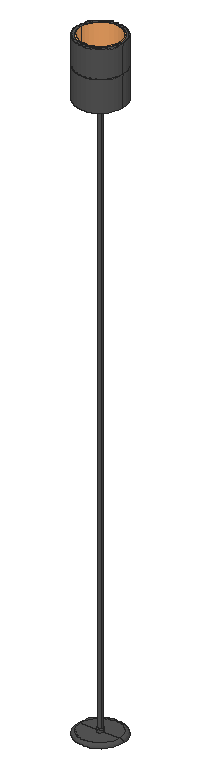
Revit family "MELO CYLINDER PENDANT LIGHT", category Lighting Fixtures, host Face, Revit 2020 (continued)
Types (16): name | Wattage_Input | Wattage Comments | Wattage | Voltage_Input | Size 08 | Size 06 | Size 04 | Selectable Wattage | Photometric Web File | Pendent Rod Length_1 | Pendent | Order number | built-in parameter 1150142 | Model | built-in parameter 1150105 | Lumens | built-in parameter 1150106 | Fixture Diameter | Canopy for Surface Mount J-box | Canopy for Recessed J-Box | Canopy Height | C2 H | C1 H | BEAMING ANGLE
  MELO06R-SP30801-10D-24-GD-BK | 40 W | "40W/30W/20W" | 28.2748 W | 0 V | no | yes | no | 40 W | "MELO06R_SP30801_10D_24.IES" | 4' - 0" | yes | "17295" | "IESNA:LM-63-2002\r\n[TEST] \r\n[TESTLAB] EVERFINE\r\n[TESTDATE] 2023-03-20\r\n[ISSUEDATE] 2023-03-20 15:37:59\r\n[NEARFIELD] \r\n[LAMPPOSITION] 0,0\r\n[OTHER] EVERFINE GO-2000B_V1 SYSTEM\r\n[MANUFAC] Aboveall lighting\r\n[LUMINAIRE] MELO06R-SP30801-10D-24\r\n[OTHER] \r\n[OTHER] Gamma(deg)    Fz(lm)      Ft(lm)     %Lum    %Lamp\r\n[OTHER]   0- 10      1679.97     1679.97    35.07    35.07\r\n[OTHER]  10- 20      1973.49     3653.46    76.26    76.26\r\n[OTHER]  20- 30       732.39     4385.85    91.55    91.55\r\n[OTHER]  30- 40       251.14     4636.99    96.79    96.79\r\n[OTHER]  40- 50        81.37     4718.36    98.49    98.49\r\n[OTHER]  50- 60        27.02     4745.38    99.05    99.05\r\n[OTHER]  60- 70        18.95     4764.33    99.45    99.45\r\n[OTHER]  70- 80        10.27     4774.60    99.66    99.66\r\n[OTHER]  80- 90         2.79     4777.39    99.72    99.72\r\n[OTHER]  90-100         0.16     4777.55    99.72    99.72\r\n[OTHER] 100-110         0.15     4777.71    99.73    99.73\r\n[OTHER] 110-120         0.19     4777.89    99.73    99.73\r\n[OTHER] 120-130         0.30     4778.20    99.74    99.74\r\n[OTHER] 130-140         0.62     4778.81    99.75    99.75\r\n[OTHER] 140-150         1.54     4780.36    99.78    99.78\r\n[OTHER] 150-160         3.65     4784.01    99.86    99.86\r\n[OTHER] 160-170         4.69     4788.71    99.96    99.96\r\n[OTHER] 170-180         2.05     4790.76   100.00   100.00\r\n[OTHER] \r\nTILT=NONE\r\n1 -1 1 181 25 1 2 -0.150 -0.150 0.000\r\n1.000 1 45.5\r\n0.0    1.0    2.0    3.0    4.0    5.0    6.0    7.0    8.0    9.0    \r\n 10.0   11.0   12.0   13.0   14.0   15.0   16.0   17.0   18.0   19.0   \r\n 20.0   21.0   22.0   23.0   24.0   25.0   26.0   27.0   28.0   29.0   \r\n 30.0   31.0   32.0   33.0   34.0   35.0   36.0   37.0   38.0   39.0   \r\n 40.0   41.0   42.0   43.0   44.0   45.0   46.0   47.0   48.0   49.0   \r\n 50.0   51.0   52.0   53.0   54.0   55.0   56.0   57.0   58.0   59.0   \r\n 60.0   61.0   62.0   63.0   64.0   65.0   66.0   67.0   68.0   69.0   \r\n 70.0   71.0   72.0   73.0   74.0   75.0   76.0   77.0   78.0   79.0   \r\n 80.0   81.0   82.0   83.0   84.0   85.0   86.0   87.0   88.0   89.0   \r\n 90.0   91.0   92.0   93.0   94.0   95.0   96.0   97.0   98.0   99.0   \r\n 100.0  101.0  102.0  103.0  104.0  105.0  106.0  107.0  108.0  109.0  \r\n 110.0  111.0  112.0  113.0  114.0  115.0  116.0  117.0  118.0  119.0  \r\n 120.0  121.0  122.0  123.0  124.0  125.0  126.0  127.0  128.0  129.0  \r\n 130.0  131.0  132.0  133.0  134.0  135.0  136.0  137.0  138.0  139.0  \r\n 140.0  141.0  142.0  143.0  144.0  145.0  146.0  147.0  148.0  149.0  \r\n 150.0  151.0  152.0  153.0  154.0  155.0  156.0  157.0  158.0  159.0  \r\n 160.0  161.0  162.0  163.0  164.0  165.0  166.0  167.0  168.0  169.0  \r\n 170.0  171.0  172.0  173.0  174.0  175.0  176.0  177.0  178.0  179.0  \r\n 180.0  \r\n0.0    15.0   30.0   45.0   60.0   75.0   90.0   105.0  120.0  135.0  \r\n 150.0  165.0  180.0  195.0  210.0  225.0  240.0  255.0  270.0  285.0  \r\n 300.0  315.0  330.0  345.0  360.0  \r\n22388.27 22283.77 22039.67 21537.94 20792.78 19912.80 18847.92 17684.25 16374.17 15050.62 \r\n 13621.48 12193.93 10763.59 9453.75  8239.04  7119.65  6133.92  5249.40  4475.25  3812.53  \r\n 3253.28  2781.02  2384.76  2043.74  1750.70  1500.39  1300.51  1101.15  945.57   816.80   \r\n 711.14   623.53   549.16   487.62   434.18   386.37   342.81   305.10   267.50   235.45   \r\n 208.45   183.60   158.17   136.02   113.92   95.78    80.72    68.11    56.84    48.46    \r\n 41.33    36.24    33.88    32.00    30.87    29.60    28.33    27.07    26.03    25.07    \r\n 24.14    23.17    22.13    21.08    20.04    18.99    17.98    16.95    15.96    14.98    \r\n 14.02    13.08    12.15    11.25    10.38    9.54     8.73     7.95     7.18     6.46     \r\n 5.74     5.03     4.37     3.69     3.05     2.42     1.80     1.22     0.65     0.17     \r\n 0.13     0.13     0.13     0.13     0.13     0.13     0.13     0.13     0.13     0.13     \r\n 0.13     0.13     0.14     0.14     0.14     0.14     0.14     0.14     0.15     0.15     \r\n 0.15     0.15     0.16     0.16     0.16     0.18     0.20     0.20     0.22     0.22     \r\n 0.22     0.24     0.25     0.28     0.29     0.31     0.36     0.37     0.39     0.43     \r\n 0.47     0.52     0.56     0.61     0.67     0.74     0.82     0.91     1.04     1.13     \r\n 1.26     1.42     1.59     1.79     2.01     2.30     2.60     2.95     3.36     3.79     \r\n 4.32     4.88     5.47     6.18     6.86     7.68     8.48     9.36     10.25    11.19    \r\n 12.12    13.09    14.05    14.95    15.83    16.66    17.45    18.18    18.86    19.42    \r\n 19.95    20.38    20.74    21.04    21.30    21.58    21.87    22.09    22.32    22.48    \r\n 22.51    \r\n22351.28 22284.88 22047.24 21578.31 20842.09 19957.82 18916.00 17754.86 16492.34 15148.29 \r\n 13747.86 12296.77 10862.97 9528.83  8302.28  7177.04  6185.86  5263.75  4491.03  3820.77  \r\n 3301.91  2783.99  2384.23  2042.14  1747.62  1498.09  1282.67  1097.15  944.08   816.61   \r\n 710.54   623.34   549.74   488.42   435.32   388.58   345.26   306.81   270.85   234.98   \r\n 208.19   184.15   158.95   136.12   115.37   97.19    81.68    69.22    57.95    49.06    \r\n 42.04    36.34    33.90    32.04    30.82    29.55    28.36    27.20    26.17    25.19    \r\n 24.24    23.27    22.23    21.19    20.15    19.12    18.10    17.07    16.08    15.10    \r\n 14.15    13.21    12.30    11.39    10.55    9.69     8.87     8.09     7.31     6.57     \r\n 5.85     5.14     4.45     3.78     3.12     2.49     1.87     1.28     0.69     0.17     \r\n 0.09     0.09     0.09     0.09     0.10     0.11     0.11     0.12     0.12     0.13     \r\n 0.12     0.12     0.13     0.14     0.14     0.14     0.14     0.14     0.15     0.16     \r\n 0.16     0.17     0.18     0.18     0.19     0.20     0.21     0.21     0.22     0.23     \r\n 0.24     0.26     0.28     0.29     0.31     0.34     0.36     0.38     0.42     0.45     \r\n 0.49     0.53     0.58     0.63     0.70     0.76     0.83     0.92     1.02     1.13     \r\n 1.26     1.41     1.58     1.76     1.99     2.25     2.55     2.88     3.27     3.70     \r\n 4.19     4.73     5.34     6.00     6.70     7.46     8.30     9.15     10.08    11.01    \r\n 11.95    12.90    13.83    14.76    15.63    16.46    17.28    18.03    18.69    19.29    \r\n 19.83    20.29    20.70    21.06    21.36    21.65    21.88    22.08    22.27    22.43    \r\n 22.51    \r\n22282.58 22271.85 22044.24 21595.69 20889.55 20018.87 18984.06 17839.02 16540.88 15218.40 \r\n 13815.05 12409.35 10953.46 9602.54  8371.45  7245.32  6253.44  5349.18  4560.27  3882.38  \r\n 3309.37  2822.42  2411.46  2062.31  1764.96  1512.74  1311.38  1110.54  954.94   825.00   \r\n 717.75   629.92   554.53   492.52   438.97   392.54   349.19   311.23   273.99   239.95   \r\n 212.42   188.43   163.21   140.56   117.94   99.54    83.89    70.82    59.46    50.04    \r\n 43.07    36.70    34.12    32.19    31.05    29.83    28.61    27.49    26.39    25.28    \r\n 24.48    23.54    22.51    21.47    20.45    19.40    18.37    17.35    16.35    15.37    \r\n 14.41    13.44    12.51    11.59    10.71    9.88     9.03     8.21     7.42     6.66     \r\n 5.92     5.18     4.49     3.80     3.15     2.50     1.90     1.30     0.72     0.21     \r\n 0.20     0.20     0.19     0.19     0.18     0.18     0.18     0.17     0.17     0.16     \r\n 0.16     0.15     0.15     0.14     0.14     0.15     0.15     0.15     0.15     0.16     \r\n 0.16     0.16     0.16     0.16     0.16     0.17     0.17     0.20     0.21     0.21     \r\n 0.21     0.23     0.24     0.27     0.28     0.31     0.33     0.36     0.38     0.46     \r\n 0.46     0.50     0.53     0.59     0.65     0.72     0.80     0.88     0.97     1.10     \r\n 1.22     1.36     1.53     1.71     1.92     2.19     2.48     2.81     3.19     3.62     \r\n 4.12     4.64     5.25     5.90     6.61     7.39     8.17     9.05     9.93     10.86    \r\n 11.79    12.75    13.69    14.62    15.51    16.36    17.15    17.89    18.57    19.16    \r\n 19.69    20.13    20.48    20.78    21.11    21.42    21.70    21.94    22.17    22.33    \r\n 22.51    \r\n22256.44 22242.47 22033.71 21590.49 20890.27 19988.26 18957.57 17781.30 16508.42 15160.03 \r\n 13744.67 12310.08 10880.97 9544.91  8314.81  7213.16  6233.02  5336.42  4579.15  3904.62  \r\n 3379.91  2856.15  2453.01  2102.97  1799.29  1539.80  1313.76  1122.11  962.21   830.33   \r\n 720.97   631.82   556.27   493.51   440.00   392.76   349.94   310.88   274.49   238.18   \r\n 210.80   187.00   162.16   139.02   117.78   99.42    83.54    70.61    59.29    49.94    \r\n 43.08    36.75    34.20    32.36    31.13    29.87    28.55    27.40    26.30    25.33    \r\n 24.54    23.54    22.51    21.48    20.44    19.42    18.38    17.36    16.35    15.38    \r\n 14.42    13.49    12.56    11.65    10.80    9.92     9.10     8.29     7.50     6.74     \r\n 5.99     5.26     4.56     3.88     3.22     2.57     1.96     1.34     0.77     0.63     \r\n 0.50     0.37     0.32     0.27     0.22     0.20     0.18     0.16     0.14     0.12     \r\n 0.13     0.13     0.13     0.13     0.14     0.14     0.15     0.15     0.16     0.16     \r\n 0.16     0.17     0.18     0.18     0.19     0.19     0.20     0.21     0.22     0.23     \r\n 0.25     0.26     0.28     0.29     0.31     0.33     0.36     0.39     0.41     0.45     \r\n 0.49     0.52     0.57     0.63     0.68     0.75     0.83     0.91     1.01     1.11     \r\n 1.24     1.39     1.55     1.73     1.95     2.20     2.48     2.81     3.19     3.60     \r\n 4.08     4.61     5.21     5.85     6.55     7.31     8.14     8.98     9.88     10.81    \r\n 11.74    12.68    13.62    14.54    15.43    16.28    17.09    17.84    18.51    19.11    \r\n 19.67    20.13    20.54    20.91    21.28    21.59    21.84    22.09    22.30    22.44    \r\n 22.51    \r\n22240.21 22179.96 21925.08 21407.75 20636.62 19697.41 18606.04 17428.46 16096.21 14771.92 \r\n 13332.47 11907.61 10512.93 9211.92  8023.11  6939.18  5984.70  5127.25  4379.65  3741.14  \r\n 3195.30  2734.91  2343.94  2008.13  1718.43  1467.69  1270.20  1073.27  921.43   796.31   \r\n 692.94   608.71   536.83   477.05   425.40   380.22   337.80   299.85   263.62   231.74   \r\n 205.20   181.02   156.25   134.34   112.46   94.64    79.82    67.48    56.60    48.36    \r\n 41.14    35.83    33.67    31.99    30.87    29.64    28.46    27.31    26.20    25.21    \r\n 24.39    23.40    22.38    21.35    20.32    19.27    18.26    17.24    16.24    15.26    \r\n 14.30    13.34    12.41    11.49    10.61    9.76     8.93     8.11     7.33     6.59     \r\n 5.85     5.13     4.45     3.77     3.12     2.50     1.86     1.28     0.69     0.21     \r\n 0.14     0.14     0.14     0.14     0.14     0.14     0.14     0.14     0.14     0.14     \r\n 0.14     0.15     0.16     0.16     0.16     0.16     0.16     0.16     0.17     0.17     \r\n 0.17     0.17     0.17     0.17     0.17     0.17     0.19     0.21     0.21     0.21     \r\n 0.22     0.23     0.25     0.28     0.29     0.31     0.35     0.37     0.40     0.44     \r\n 0.47     0.51     0.57     0.61     0.67     0.74     0.82     0.91     1.03     1.12     \r\n 1.25     1.41     1.58     1.77     2.00     2.28     2.57     2.91     3.31     3.75     \r\n 4.24     4.80     5.41     6.08     6.81     7.58     8.41     9.28     10.18    11.10    \r\n 12.03    12.99    13.93    14.85    15.73    16.55    17.32    18.03    18.69    19.28    \r\n 19.82    20.30    20.70    21.07    21.41    21.71    21.94    22.14    22.28    22.39    \r\n 22.51    \r\n22228.30 22135.53 21891.10 21345.78 20577.44 19623.77 18543.64 17353.59 16063.38 14719.18 \r\n 13298.74 11875.36 10495.09 9209.72  8024.05  6952.64  5990.51  5111.82  4361.80  3708.53  \r\n 3201.84  2696.04  2302.83  1967.27  1678.95  1437.32  1226.87  1049.23  903.20   782.17   \r\n 682.10   600.10   530.20   472.11   421.74   376.96   335.17   297.39   259.66   228.12   \r\n 202.02   178.14   153.63   131.54   111.34   93.81    79.00    66.96    56.49    48.41    \r\n 41.14    35.84    33.60    31.88    30.74    29.50    28.32    27.24    26.20    25.28    \r\n 24.38    23.36    22.34    21.31    20.26    19.24    18.21    17.19    16.20    15.22    \r\n 14.26    13.32    12.40    11.47    10.63    9.75     8.92     8.13     7.34     6.59     \r\n 5.85     5.14     4.45     3.79     3.14     2.50     1.89     1.30     0.72     0.60     \r\n 0.47     0.35     0.23     0.21     0.18     0.16     0.14     0.12     0.12     0.12     \r\n 0.13     0.13     0.14     0.13     0.14     0.14     0.14     0.15     0.15     0.16     \r\n 0.17     0.17     0.17     0.18     0.19     0.20     0.20     0.22     0.22     0.24     \r\n 0.25     0.26     0.28     0.30     0.32     0.35     0.37     0.39     0.43     0.46     \r\n 0.50     0.54     0.59     0.64     0.71     0.77     0.85     0.93     1.04     1.15     \r\n 1.29     1.43     1.61     1.79     2.02     2.29     2.58     2.93     3.32     3.76     \r\n 4.26     4.81     5.43     6.09     6.80     7.58     8.41     9.31     10.22    11.10    \r\n 12.04    12.97    13.92    14.83    15.70    16.52    17.31    18.03    18.70    19.31    \r\n 19.88    20.36    20.74    21.03    21.33    21.57    21.78    21.96    22.09    22.18    \r\n 22.51    \r\n22621.88 22523.20 22248.83 21697.52 20910.47 19922.91 18818.44 17614.70 16300.46 14954.57 \r\n 13526.79 12076.84 10700.01 9405.70  8193.50  7110.33  6120.27  5235.97  4458.77  3782.74  \r\n 3253.55  2725.69  2321.95  1978.52  1693.88  1446.78  1240.23  1062.42  916.38   792.97   \r\n 692.87   609.01   538.58   480.20   428.05   383.37   340.72   302.02   263.42   232.46   \r\n 205.61   181.53   156.59   133.72   113.18   95.25    80.39    68.21    57.80    49.63    \r\n 42.01    36.63    34.29    32.54    31.41    30.14    28.89    27.70    26.72    25.83    \r\n 24.88    23.85    22.81    21.76    20.70    19.63    18.58    17.54    16.51    15.52    \r\n 14.53    13.59    12.64    11.72    10.82    9.94     9.11     8.29     7.48     6.70     \r\n 5.97     5.24     4.54     3.86     3.20     2.57     1.95     1.36     0.77     0.67     \r\n 0.58     0.49     0.39     0.30     0.26     0.23     0.19     0.18     0.17     0.15     \r\n 0.14     0.13     0.13     0.13     0.14     0.14     0.14     0.15     0.15     0.15     \r\n 0.17     0.17     0.17     0.18     0.19     0.20     0.21     0.21     0.22     0.24     \r\n 0.26     0.26     0.28     0.29     0.32     0.34     0.38     0.40     0.44     0.48     \r\n 0.51     0.56     0.61     0.67     0.73     0.80     0.89     0.98     1.09     1.22     \r\n 1.35     1.52     1.70     1.91     2.15     2.45     2.78     3.16     3.60     4.09     \r\n 4.62     5.26     5.93     6.67     7.49     8.39     9.32     10.29    11.28    12.29    \r\n 13.31    14.33    15.30    16.24    17.17    18.05    18.84    19.57    20.19    20.73    \r\n 21.19    21.59    21.92    22.15    22.34    22.52    22.68    22.78    22.83    22.83    \r\n 22.51    \r\n22557.64 22437.16 22131.43 21544.77 20696.67 19703.88 18595.60 17400.74 16097.02 14725.57 \r\n 13300.88 11881.84 10521.62 9254.54  8072.41  6991.17  6022.51  5154.39  4396.66  3737.22  \r\n 3175.46  2703.88  2304.54  1964.12  1678.74  1431.90  1241.97  1052.47  906.95   782.32   \r\n 684.88   600.71   532.02   473.07   420.99   376.79   333.88   296.34   260.38   228.97   \r\n 202.35   177.10   152.37   128.65   108.61   91.29    77.16    65.83    55.91    48.48    \r\n 40.93    36.30    34.02    32.38    31.21    29.92    28.71    27.63    26.54    25.59    \r\n 24.72    23.71    22.67    21.61    20.55    19.49    18.43    17.41    16.39    15.40    \r\n 14.39    13.46    12.50    11.57    10.66    9.80     8.96     8.16     7.35     6.59     \r\n 5.87     5.15     4.46     3.76     3.12     2.50     1.88     1.31     0.68     0.20     \r\n 0.19     0.19     0.18     0.18     0.18     0.17     0.17     0.17     0.16     0.16    
